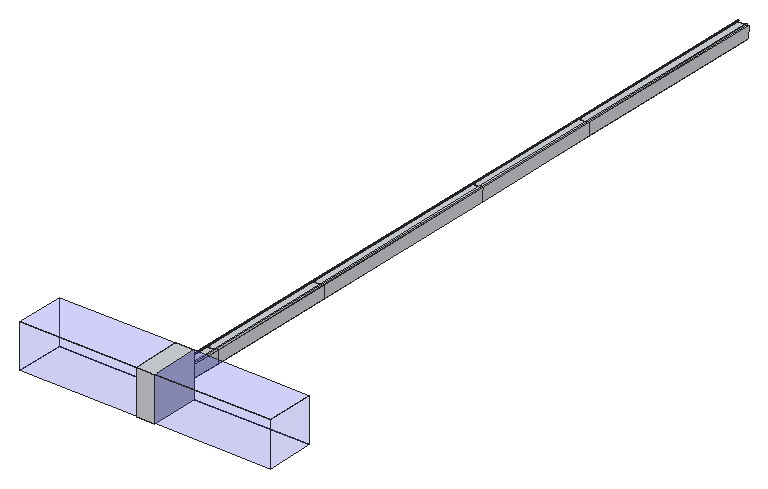
Revit family "Starline Busway-250A", category Electrical Equipment, Revit 2018
Family settings
  Panel Configuration = Two Columns, Circuits Across
  Round Connector Dimension = Use Diameter
  Part Type = Panelboard
  OmniClass Number = 23.80.30.11.17
  OmniClass Title = Distribution Boards and Control Panels
  Work Plane-Based = No
  Always vertical = Yes
  Cut with Voids When Loaded = No
  Shared = No
  Room Calculation Point = No
Parameters
  Starter Tap Can Width = 0' - 6 1/2"  # constant formula
  Tap Box Clearance (Right) VS [instance] = yes
  Tap Box Clearance (Left) VS [instance] = yes
  Starter Tap Can Length = 1' - 6"  # constant formula
  Starter Tap Can Height = 1' - 4"  # constant formula
  Busway Width [instance] = 0' - 4 1/4"
  Busway Segment 4 Visibility [instance] = yes
  Busway Segment 4 [instance] = 6' - 0"
  Busway Segment 3 Visibility [instance] = yes
  Busway Segment 3 [instance] = 4' - 0"
  Busway Segment 2 Visibility [instance] = yes
  Busway Segment 2 [instance] = 6' - 0"
  Busway Segment 1 [instance] = 4' - 0"
  Starter Busway Length = 1' - 0"  # constant formula
  Busway Height [instance] = 0' - 5 13/256"
  Access Clearance = 3' - 6"  # constant formula
Reference planes (in)
  plane 1 "Center (Front/Back)": y = 0
  plane 2: z = 0
  plane 3 "Center (Left/Right)": x = 0
  plane 4: x = -3.25
  plane 5: x = 3.25
  plane 6: y = 18
  plane 7: y = 30
  plane 8: x = -2.125
  plane 9: x = 2.125
  plane 10: z = 5.05078
  plane 11: z = -5.47461
  plane 12: z = 2.52539
  plane 13: z = 10.52539
  plane 14: x = 45.25
  plane 15: x = -45.25
  plane 16: y = 78
  plane 17: y = 150
  plane 18: y = 198
  plane 19: y = 270
Forms (in)
  Extrusion 1, solid
    sketch origin (0, 0, 0) x (1, 0, 0) y (0, 1, 0)
      loop
        line (-3.25, 18) -> (-3.25, 0) -> (3.25, 0) -> (3.25, 18) -> (-3.25, 18)
    from -5.47461 to 10.52539
  Extrusion 2, solid, visible <- "Tap Box Clearance (Right) VS"
    sketch origin (0, 0, 0) x (1, 0, 0) y (0, 1, 0)
      loop
        line (3.25, 18) -> (3.25, 0) -> (45.25, 0) -> (45.25, 18) -> (3.25, 18)
    from -5.47461 to 10.52539
  Extrusion 3, solid, visible <- "Tap Box Clearance (Left) VS"
    sketch origin (0, 0, 0) x (1, 0, 0) y (0, 1, 0)
      loop
        line (-45.25, 18) -> (-45.25, 0) -> (-3.25, 0) -> (-3.25, 18) -> (-45.25, 18)
    from -5.47461 to 10.52539
Lines and regions (in)
  model lines
    curve 1: line (0, 270, 4.71328) -> (0, 30, 4.71328)
Dimensions and locks (in)
  equal spacing: plane 4, plane 3 "Center (Left/Right)", plane 5
  "Starter Tap Can Width": plane 4 to plane 5
  "Starter Tap Can Length": plane 1 "Center (Front/Back)" to plane 6
  equal spacing: plane 8, plane 3 "Center (Left/Right)", plane 9
  "Starter Busway Length": plane 6 to plane 7
  "Busway Width": plane 8 to plane 9
  equal spacing: plane 13, plane 12, plane 11
  "Starter Tap Can Height": plane 13 to plane 11
  "Busway Height": plane 10 to plane 2
  equal spacing: plane 10, plane 12, plane 2
  "Access Clearance": plane 15 to plane 4
  "Access Clearance": plane 5 to plane 14
  "Busway Segment 1": plane 7 to plane 16
  "Busway Segment 2": plane 16 to plane 17
  "Busway Segment 3": plane 17 to plane 18
  "Busway Segment 4": plane 18 to plane 19
  aligned and locked: level to plane 2
  aligned and locked: plane 1 "Center (Front/Back)" to Extrusion 1  (x2)
  aligned and locked: Extrusion 1 to plane 6
  aligned and locked: Extrusion 1 to plane 4
  aligned and locked: plane 5 to Extrusion 1
  aligned and locked: Extrusion 1 to plane 11
  aligned and locked: plane 13 to Extrusion 1
  aligned and locked: plane 6 to Extrusion 1
  aligned and locked: plane 4 to Extrusion 3
  aligned and locked: Extrusion 3 to plane 15  (x2)
  aligned and locked: Extrusion 2 to plane 5
  aligned and locked: plane 14 to Extrusion 2  (x2)
  aligned and locked: Extrusion 3 to plane 6
  aligned and locked: plane 1 "Center (Front/Back)" to Extrusion 3
  aligned and locked: Extrusion 2 to plane 6
  aligned and locked: plane 1 "Center (Front/Back)" to Extrusion 2
  aligned and locked: Extrusion 3 to plane 11
  aligned and locked: Extrusion 2 to plane 11
  aligned and locked: plane 13 to Extrusion 3
  aligned and locked: plane 13 to Extrusion 2
  aligned and locked: plane 3 "Center (Left/Right)" to nested 1
  aligned and locked: nested 1 to level
  aligned and locked: plane 6 to nested 1
  aligned and locked: plane 7 to nested 1
  aligned and locked: nested 2 to level
  aligned and locked: nested 3 to level
  aligned and locked: nested 4 to level
  aligned and locked: nested 5 to level
  aligned and locked: plane 7 to nested 2
  aligned and locked: plane 16 to nested 3
  aligned and locked: plane 17 to nested 4
  aligned and locked: plane 18 to nested 5
  aligned and locked: nested 1 to curve 1
  aligned and locked: plane 19 to curve 1
Automatic sketch dimensions
  plane 1 "Center (Front/Back)" to Extrusion 1 sketch curve = 0' - 0"
  Extrusion 1 sketch curve to plane 4 = 0' - 0"
  Extrusion 1 sketch curve to plane 5 = 0' - 0"
  plane 6 to Extrusion 1 sketch curve = 0' - 0"
  plane 1 "Center (Front/Back)" to Extrusion 2 sketch curve = 0' - 0"
  Extrusion 2 sketch curve to plane 5 = 0' - 0"
  Extrusion 2 sketch curve to plane 14 = 0' - 0"
  plane 6 to Extrusion 2 sketch curve = 0' - 0"
  plane 1 "Center (Front/Back)" to Extrusion 3 sketch curve = 0' - 0"
  Extrusion 3 sketch curve to plane 15 = 0' - 0"
  Extrusion 3 sketch curve to plane 4 = 0' - 0"
  plane 6 to Extrusion 3 sketch curve = 0' - 0"
  nested 2 to curve 1 = 0' - 1.6625"
Nested families (in)
  nested 1: "Starline Track Busway" at (0, 18, 0), type "Starline Track Busway"
    with Length 1' - 0"
  nested 2: "Starline Track Busway" at (0, 30, 0), Length <- "Busway Segment 1", type "Starline Track Busway"
    with Length 4' - 0"
  nested 3: "Starline Track Busway" at (0, 78, 0), Length <- "Busway Segment 2", visible <- "Busway Segment 2 Visibility", type "Starline Track Busway"
    with Length 6' - 0"
  nested 4: "Starline Track Busway" at (0, 150, 0), Length <- "Busway Segment 3", visible <- "Busway Segment 3 Visibility", type "Starline Track Busway"
    with Length 4' - 0"
  nested 5: "Starline Track Busway" at (0, 198, 0), Length <- "Busway Segment 4", visible <- "Busway Segment 4 Visibility", type "Starline Track Busway"
    with Length 6' - 0"
Definition of nested family "Starline Track Busway"
  Parameters (values of type "Starline Track Busway")
    Width = 0' - 4 1/4"
    Length [instance] = 2' - 0"
    Height = 0' - 5 13/256"
  Reference planes (in)
    plane 1 "Center (Front/Back)": y = 0
    plane 2: z = 0
    plane 3 "Center (Left/Right)": x = 0
    plane 4: x = -2.125
    plane 5: x = 2.125
    plane 6: z = 5.05078
    plane 7: z = 2.52539
    plane 8: z = 4.65078
    plane 9: z = 0.4
    plane 10: x = -1.725
    plane 11: x = 1.725
    plane 12: y = 24
  Forms (in)
    Extrusion 1, solid
      sketch origin (0, 0, 0) x (1, 0, 0) y (0, 0, 1)
        loop
          line (-2.125, 0.4) -> (-1.725, 0.4) -> (-1.725, 0) -> (1.725, 0) -> (1.725, 0.4) -> (2.125, 0.4) -> (2.125, 4.65078) -> (1.725, 4.65078) -> (1.725, 5.05078) -> (-1.725, 5.05078) -> (-1.725, 4.65078) -> (-2.125, 4.65078) -> (-2.125, 0.4)
      from -24 to 0
    Extrusion 2, void
      sketch origin (0, 0, 0) x (1, 0, 0) y (0, 0, 1)
        loop
          line (-1.6625, 0.4) -> (-1.6625, 0.0625) -> (-1.2875, 0.0625) -> (-1.2875, 0) -> (1.2875, 0) -> (1.2875, 0.0625) -> (1.6625, 0.0625) -> (1.6625, 0.4) -> (1.1625, 0.4) -> (1.1625, 0.4625) -> (2.0625, 0.4625) -> (2.0625, 4.58828) -> (-2.0625, 4.58828) -> (-2.0625, 0.4625) -> (-1.1625, 0.4625) -> (-1.1625, 0.4) -> (-1.6625, 0.4)
      from -24 to 0
    Extrusion 3, void
      sketch origin (0, 0, 0) x (1, 0, 0) y (0, 0, 1)
        loop
          line (-1.6625, 4.71328) -> (1.6625, 4.71328) -> (1.6625, 4.98828) -> (1.1625, 4.98828) -> (1.1625, 5.05078) -> (-1.1625, 5.05078) -> (-1.1625, 4.98828) -> (-1.6625, 4.98828) -> (-1.6625, 4.71328)
      from -24 to 0
  Cuts and joins
    Extrusion 2, Extrusion 3 cuts Extrusion 1
  Lines and regions (in)
    model lines
      curve 1: line (-2.125, 0, 0) -> (2.125, 0, 0)
  Dimensions and locks (in)
    equal spacing: plane 5, plane 3 "Center (Left/Right)", plane 4
    "Width": plane 5 to plane 4
    "Height": plane 6 to plane 2
    equal spacing: plane 6, plane 7, plane 2
    locked: plane 9 to plane 2 at 0.4
    locked: plane 6 to plane 8 at 0.4
    locked: plane 5 to plane 11 at 0.4
    locked: plane 10 to plane 4 at 0.4
    "Length": plane 1 "Center (Front/Back)" to plane 12
    aligned and locked: level to plane 2
    aligned and locked: Extrusion 1 to plane 4  (x2)
    aligned and locked: plane 6 to Extrusion 1
    aligned and locked: plane 8 to Extrusion 1  (x2)
    aligned and locked: Extrusion 1 to plane 2
    aligned and locked: plane 9 to Extrusion 1  (x2)
    aligned and locked: Extrusion 1 to plane 10  (x2)
    aligned and locked: plane 11 to Extrusion 1  (x2)
    aligned and locked: cut or joined group of Extrusion 1, Extrusion 2, Extrusion 3 to plane 12  (x3)
    aligned and locked: plane 1 "Center (Front/Back)" to cut or joined group of Extrusion 1, Extrusion 2, Extrusion 3
    aligned and locked: cut or joined group of Extrusion 1, Extrusion 2, Extrusion 3 to plane 1 "Center (Front/Back)"  (x7)
    aligned and locked: cut or joined group of Extrusion 1, Extrusion 2, Extrusion 3 to cut or joined group of Extrusion 1, Extrusion 2, Extrusion 3  (x2)
    aligned and locked: plane 12 to cut or joined group of Extrusion 1, Extrusion 2, Extrusion 3
  Automatic sketch dimensions
    Extrusion 1 sketch curve to plane 4 = 0' - 0"
    Extrusion 1 sketch curve to plane 6 = 0' - 0"
    Extrusion 1 sketch curve to plane 9 = 0' - 0"  (x2)
    Extrusion 1 sketch curve to level = 0' - 0"
    Extrusion 1 sketch curve to plane 8 = 0' - 0"  (x2)
    Extrusion 1 sketch curve to plane 5 = 0' - 0"
    plane 4 to Extrusion 1 sketch curve = 0' - 0.4"
    Extrusion 1 sketch curve to Extrusion 1 sketch curve = 0' - 0.4"
    Extrusion 1 sketch curve to plane 5 = 0' - 0.4"  (x2)
    Extrusion 2 sketch curve to plane 9 = 0' - 0"  (x2)
    Extrusion 2 sketch curve to level = 0' - 0"
    plane 4 to Extrusion 2 sketch curve = 0' - 0 1/16"
    plane 10 to Extrusion 2 sketch curve = 0' - 0 1/16"
    Extrusion 2 sketch curve to Extrusion 2 sketch curve = 0' - 0 3/8"
    Extrusion 2 sketch curve to plane 9 = 0' - 0 1/16"  (x2)
    Extrusion 2 sketch curve to Extrusion 2 sketch curve = 0' - 0 1/8"  (x2)
    Extrusion 2 sketch curve to plane 11 = 0' - 0 9/16"
    level to Extrusion 2 sketch curve = 0' - 0 1/16"  (x2)
    Extrusion 2 sketch curve to plane 11 = 0' - 0 1/16"
    Extrusion 2 sketch curve to plane 5 = 0' - 0 1/16"
    Extrusion 2 sketch curve to plane 8 = 0' - 0 1/16"
    Extrusion 3 sketch curve to plane 6 = 0' - 0"
    plane 10 to Extrusion 3 sketch curve = 0' - 0 1/16"
    Extrusion 3 sketch curve to plane 6 = 0' - 0 1/16"  (x2)
    Extrusion 3 sketch curve to Extrusion 3 sketch curve = 0' - 0 1/2"
    Extrusion 3 sketch curve to plane 11 = 0' - 0 9/16"
    Extrusion 3 sketch curve to plane 11 = 0' - 0 1/16"
    plane 8 to Extrusion 3 sketch curve = 0' - 0 1/16"
    plane 1 "Center (Front/Back)" to curve 1 = 0' - 0"
    curve 1 to plane 4 = 0' - 0"
    curve 1 to plane 5 = 0' - 0"
  Connectors (in)
    electrical at (0, 0, 2.29618)
      settings: on cut or joined group of Extrusion 1, Extrusion 2, Extrusion 3, index 1, voltage 0 V, apparent load 0 VA, apparent load phase1 0 VA, apparent load phase2 0 VA, apparent load phase3 0 VA, power factor 1, load classification none, number of poles 1, system type 31, power factor state 1, is connector primary yes, connector utility no, sub classification motor no, connector description ""
